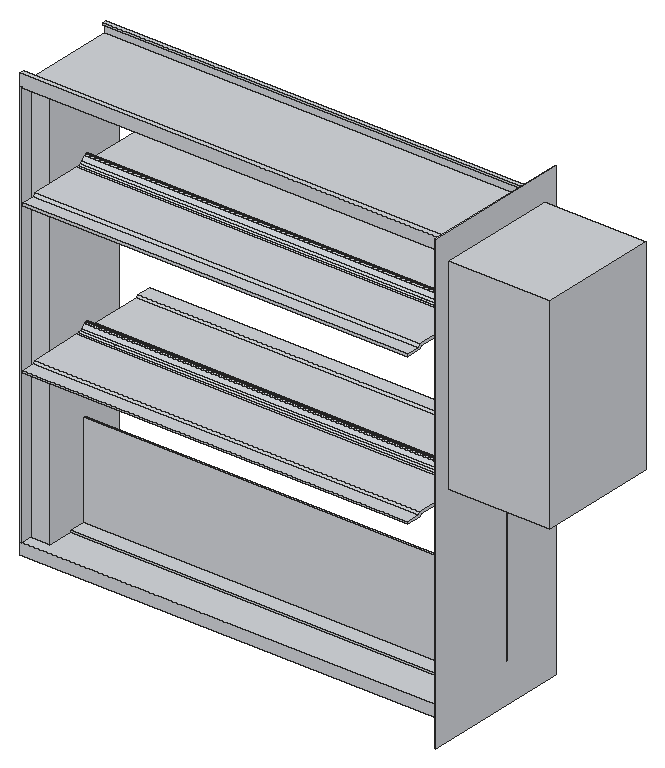
Revit family "MPIB", category Mechanical Equipment, Revit 2015
Parameters
  URL = "https://unitedenertech.com/catalog/pdf/G_7%20MPIB,%20MPIB-R.pdf"
  Type Comments = "Consult Factory For Max. Size."
  Side Plate Height [instance] = Exact Height + 0' 1"  # 1' - 7"
  Model = "MPIB"
  Manufacturer = "United Enertech Corporation"
  Keynote = "This model is only a representation of the product, blade position will vary from built dampers."
  Exact Width = 1' - 6"
  Exact Height = 1' - 6"
  Description = "Mass Bypass System Pressure Independent Rectangular Damper"
  Blade Spacing = 0' - 6 1/4"
  Blade Number [instance] = rounddown((Exact Height - 0' 2 3/4") / Blade Spacing)  # 2
  BW [instance] = Exact Width - 0' 1 15/16"  # 1' - 4 1/16"
Reference planes (in)
  plane 1 "Center (Front/Back)": y = 0
  plane 2: z = 0
  plane 3 "Center (Left/Right)": x = 0
  plane 4: x = -9
  plane 5: x = 9
  plane 6: z = 18
  plane 7: z = 0.5
  plane 8: z = 17.5
  plane 9: x = -8.125
  plane 10: x = 8.125
  plane 11: z = 13.94956
  plane 12: z = 18.5
  plane 13: x = 9.0478
  plane 14: z = 14.22854
  plane 15: x = 10.49393
  plane 16: z = 8.93968
Forms (in)
  Extrusion 1, solid
    sketch origin (-10.94563, 56.53311, 0) x (0, 1, 0) y (-1, 0, 0)
      loop
        line (-56.53311, -2.02563) -> (-56.07011, -2.02563) -> (-56.07011, -2.82063) -> (-52.49611, -2.82063) -> (-52.49611, -2.02563) -> (-52.03311, -2.02563) -> (-52.03311, -1.94563) -> (-52.57611, -1.94563) -> (-52.57611, -2.53484) -> (-52.61757, -2.48351) -> (-52.6794, -2.43952) -> (-52.75426, -2.41946) -> (-52.77072, -2.51067)
        arc (-52.77072, -2.51067) -> (-52.68095, -2.63288) -> (-52.81664, -2.56518) r 0.078
        line (-52.81664, -2.56518) -> (-52.90129, -2.5733) -> (-52.87778, -2.66104) -> (-52.8428, -2.70313) -> (-52.79089, -2.74063) -> (-55.76027, -2.74063) -> (-55.71053, -2.69088) -> (-55.67609, -2.63368) -> (-55.67078, -2.55421) -> (-55.75297, -2.55421)
        arc (-55.75297, -2.55421) -> (-55.87883, -2.63965) -> (-55.80226, -2.5082) r 0.078
        line (-55.80226, -2.5082) -> (-55.81534, -2.4232) -> (-55.90864, -2.4482) -> (-55.94901, -2.48396) -> (-55.99011, -2.54884) -> (-55.99011, -1.94563) -> (-56.53311, -1.94563) -> (-56.53311, -2.02563)
    from 0.5 to 17.5
  Extrusion 2, solid
    sketch origin (10.94563, 56.53311, 0) x (0, 1, 0) y (-1, 0, 0)
      loop
        line (-56.53311, 2.02563) -> (-56.53311, 1.94563) -> (-55.99011, 1.94563) -> (-55.99011, 2.54884) -> (-55.94901, 2.48396) -> (-55.90864, 2.4482) -> (-55.81534, 2.4232) -> (-55.80226, 2.5082)
        arc (-55.80226, 2.5082) -> (-55.87883, 2.63965) -> (-55.75297, 2.55421) r 0.078
        line (-55.75297, 2.55421) -> (-55.67078, 2.55421) -> (-55.67609, 2.63368) -> (-55.71053, 2.69088) -> (-55.76027, 2.74063) -> (-52.79089, 2.74063) -> (-52.8428, 2.70313) -> (-52.87778, 2.66104) -> (-52.90129, 2.5733) -> (-52.81664, 2.56518)
        arc (-52.81664, 2.56518) -> (-52.68095, 2.63288) -> (-52.77072, 2.51067) r 0.078
        line (-52.77072, 2.51067) -> (-52.75426, 2.41946) -> (-52.6794, 2.43952) -> (-52.61757, 2.48351) -> (-52.57611, 2.53484) -> (-52.57611, 1.94563) -> (-52.03311, 1.94563) -> (-52.03311, 2.02563) -> (-52.49611, 2.02563) -> (-52.49611, 2.82063) -> (-56.07011, 2.82063) -> (-56.07011, 2.02563) -> (-56.53311, 2.02563)
    from 0.5 to 17.5
  Extrusion 3, solid
    sketch origin (-23.46325, -52.03311, -12.20737) x (0, -1, 0) y (0, 0, 1)
      loop
        line (-56.34511, 12.28737) -> (-56.45311, 12.28737) -> (-56.45311, 12.62737) -> (-52.11311, 12.62737) -> (-52.11311, 12.28737) -> (-52.22111, 12.28737) -> (-52.22111, 12.20737) -> (-52.03311, 12.20737) -> (-52.03311, 12.70737) -> (-56.53311, 12.70737) -> (-56.53311, 12.20737) -> (-56.34511, 12.20737) -> (-56.34511, 12.28737)
    from -32.46325 to -14.46325
  Extrusion 4, solid
    sketch origin (-35.31788, -52.03311, 54.20737) x (0, -1, 0) y (0, 0, -1)
      loop
        line (-56.34511, 36.29227) -> (-56.45311, 36.29227) -> (-56.45311, 36.63227) -> (-52.11311, 36.63227) -> (-52.11311, 36.29227) -> (-52.22111, 36.29227) -> (-52.22111, 36.20737) -> (-52.03311, 36.20737) -> (-52.03311, 36.71227) -> (-56.53311, 36.71227) -> (-56.53311, 36.21227) -> (-56.34511, 36.21227) -> (-56.34511, 36.29227)
    from 26.31788 to 44.31788
  Extrusion 5, solid
    sketch origin (-54.80861, -46.85261, 19.59636) x (0, -1, 0) y (0, 0, -1)
      loop
        line (-49.18361, 2.60026) -> (-49.18361, 2.10126) -> (-48.43361, 2.10126) -> (-48.43361, 2.18126) -> (-49.10261, 2.18126) -> (-49.10261, 2.60026) -> (-49.18361, 2.60026)
    from 46.68361 to 62.93361
  Extrusion 6, solid
    sketch origin (0, 7.30319, -4.76393) x (0, 1, 0) y (0, 0, 1)
      loop
        line (-5.05319, 5.26393) -> (-5.05319, 9.26393) -> (-5.13572, 9.26393) -> (-5.13572, 5.34205) -> (-5.80319, 5.34205) -> (-5.80319, 5.26393) -> (-5.05319, 5.26393)
    from -8.125 to 8.125
  Extrusion 7, solid
    sketch origin (0, 15.875, 0) x (0, 1, 0) y (0, 0, 1)
      loop
        line (-10.5, 18.5) -> (-16.75, 18.5) -> (-16.75, -0.5) -> (-10.5, -0.5) -> (-10.5, 18.5)
    from 9 to 9.0478
  Extrusion 8, solid
    sketch origin (0, 15.79116, 2.92061) x (0, 0.87462, 0.48481) y (0, -0.48481, 0.87462)
      loop
        line (-6.47935, 16.0011) -> (-6.21976, 16.2607) -> (-6.42721, 16.46814) -> (-6.49313, 16.50468) -> (-6.73803, 16.25978) -> (-6.47935, 16.0011)
    from 9 to 10.49393
Dimensions and locks (in)
  equal spacing: plane 4, plane 3 "Center (Left/Right)", plane 5
  "Exact Width": plane 4 to plane 5
  "Exact Height": plane 6 to level
  locked: plane 7 to level at 0.5
  locked: plane 6 to plane 8 at 0.5
  locked: plane 4 to plane 9 at 0.875
  locked: plane 10 to plane 5 at 0.875
  plane 8 to plane 11 = 0' - 3.55044"
  group 1 to group 2 = 0' - 0"  (x2)
  group 2 to group 1 = 0' - 6 1/4"
  "Blade Spacing": nested 1 to nested 2
  locked: plane 12 to plane 6 at 0.5
  locked: plane 5 to plane 13 at 0.0478
  "Side Plate Height": Extrusion 7 to Extrusion 7
  locked: plane 15 to plane 13 at 1.44613
  locked: plane 6 to plane 14 at 3.77146
  locked: plane 6 to plane 16 at 9.06032
  aligned and locked: level to plane 2
  aligned and locked: Extrusion 1 to plane 7
  aligned and locked: Extrusion 2 to plane 7
  aligned and locked: plane 5 to Extrusion 3
  aligned and locked: plane 4 to Extrusion 3
  aligned and locked: plane 6 to Extrusion 4
  aligned and locked: plane 5 to Extrusion 4
  aligned and locked: plane 4 to Extrusion 4
  aligned and locked: plane 8 to Extrusion 1
  aligned and locked: plane 8 to Extrusion 2
  aligned and locked: Extrusion 5 to Extrusion 4
  aligned and locked: plane 10 to Extrusion 5
  aligned and locked: Extrusion 5 to plane 9
  aligned and locked: plane 3 "Center (Left/Right)" to nested 1
  aligned and locked: plane 11 to nested 1
  aligned and locked: plane 10 to Extrusion 6
  aligned and locked: Extrusion 6 to plane 9
  aligned and locked: plane 13 to Extrusion 7
  aligned and locked: Extrusion 7 to plane 5
  aligned and locked: Extrusion 8 to plane 5
  aligned and locked: Extrusion 8 to plane 15
  aligned and locked: plane 13 to nested 3
  aligned and locked: nested 3 to plane 16
Automatic sketch dimensions
  Extrusion 3 sketch curve to level = 0' - 0"  (x2)
  Extrusion 3 sketch curve to plane 7 = 0' - 0"
  Extrusion 3 sketch curve to plane 1 "Center (Front/Back)" = 0' - 0"
  Extrusion 3 sketch curve to plane 1 "Center (Front/Back)" = 0' - 0.08"
  Extrusion 3 sketch curve to Extrusion 3 sketch curve = 0' - 0.108"  (x2)
  Extrusion 3 sketch curve to Extrusion 3 sketch curve = 0' - 4.124"
  Extrusion 3 sketch curve to plane 7 = 0' - 0.08"
  Extrusion 3 sketch curve to Extrusion 3 sketch curve = 0' - 0.08"
  level to Extrusion 3 sketch curve = 0' - 0.08"  (x2)
  Extrusion 6 sketch curve to plane 1 "Center (Front/Back)" = 0' - 2.16746"
  Extrusion 6 sketch curve to Extrusion 6 sketch curve = 0' - 0.08254"
  Extrusion 6 sketch curve to Extrusion 6 sketch curve = 0' - 0 5/64"
  Extrusion 6 sketch curve to Extrusion 6 sketch curve = 0' - 3 59/64"
  Extrusion 6 sketch curve to Extrusion 6 sketch curve = 0' - 0.66746"
  Extrusion 6 sketch curve to plane 7 = 0' - 0"
  Extrusion 4 sketch curve to plane 6 = 0' - 0"
  Extrusion 4 sketch curve to plane 1 "Center (Front/Back)" = 0' - 0"
  Extrusion 4 sketch curve to plane 1 "Center (Front/Back)" = 0' - 0.08"
  Extrusion 4 sketch curve to Extrusion 4 sketch curve = 0' - 0.108"  (x2)
  Extrusion 4 sketch curve to plane 6 = 0' - 0.0849"  (x2)
  Extrusion 4 sketch curve to Extrusion 4 sketch curve = 0' - 4.124"
  Extrusion 4 sketch curve to plane 8 = 0' - 0.0049"
  Extrusion 4 sketch curve to Extrusion 4 sketch curve = 0' - 0.08"
  Extrusion 4 sketch curve to plane 6 = 0' - 0.0049"
  plane 8 to Extrusion 4 sketch curve = 0' - 0.0751"
  Extrusion 5 sketch curve to plane 8 = 0' - 0.0049"
  Extrusion 5 sketch curve to plane 1 "Center (Front/Back)" = 0' - 2.331"
  Extrusion 5 sketch curve to Extrusion 5 sketch curve = 0' - 0.081"
  Extrusion 5 sketch curve to Extrusion 5 sketch curve = 0' - 0.669"
  Extrusion 5 sketch curve to Extrusion 5 sketch curve = 0' - 0.08"
  Extrusion 5 sketch curve to Extrusion 5 sketch curve = 0' - 0.419"
  plane 12 to Extrusion 7 sketch curve = 0' - 0"
  plane 1 "Center (Front/Back)" to Extrusion 7 sketch curve = 0' - 0 7/8"
  Extrusion 7 sketch curve to level = 0' - 0 1/2"
  Extrusion 7 sketch curve to plane 1 "Center (Front/Back)" = 0' - 5 3/8"
  plane 1 "Center (Front/Back)" to Extrusion 1 sketch curve = 0' - 0"
  Extrusion 1 sketch curve to plane 9 = 0' - 0"
  Extrusion 1 sketch curve to plane 4 = 0' - 0"  (x2)
  Extrusion 1 sketch curve to plane 4 = 0' - 0.08"  (x2)
  Extrusion 1 sketch curve to plane 1 "Center (Front/Back)" = 0' - 0.463"
  Extrusion 1 sketch curve to Extrusion 1 sketch curve = 0' - 0.08"  (x2)
  Extrusion 1 sketch curve to Extrusion 1 sketch curve = 0' - 0.0411"
  Extrusion 1 sketch curve to Extrusion 1 sketch curve = 0' - 0.04037"
  Extrusion 1 sketch curve to Extrusion 1 sketch curve = 0' - 0.08303"
  Extrusion 1 sketch curve to Extrusion 1 sketch curve = 0' - 0.0933"
  Extrusion 1 sketch curve to plane 9 = 0' - 0.31242"
  Extrusion 1 sketch curve to Extrusion 1 sketch curve = 0' - 0.02335"
  Extrusion 1 sketch curve to plane 9 = 0' - 0.08"
  Extrusion 1 sketch curve to Extrusion 1 sketch curve = 0' - 0.06534"
  Extrusion 1 sketch curve to Extrusion 1 sketch curve = 0' - 0.04929"
  Extrusion 1 sketch curve to plane 9 = 0' - 0.12974"
  Extrusion 1 sketch curve to Extrusion 1 sketch curve = 0' - 0.04974"
  Extrusion 1 sketch curve to plane 9 = 0' - 0.18694"
  Extrusion 1 sketch curve to Extrusion 1 sketch curve = 0' - 0.03444"
  Extrusion 1 sketch curve to Extrusion 1 sketch curve = 0' - 0.00531"
  Extrusion 1 sketch curve to plane 9 = 0' - 0.24733"
  Extrusion 1 sketch curve to Extrusion 1 sketch curve = 0' - 2.76949"
  Extrusion 1 sketch curve to plane 9 = 0' - 0.15959"
  Extrusion 1 sketch curve to Extrusion 1 sketch curve = 0' - 0.02351"
  Extrusion 1 sketch curve to plane 9 = 0' - 0.11749"
  Extrusion 1 sketch curve to Extrusion 1 sketch curve = 0' - 0.03498"
  Extrusion 1 sketch curve to plane 9 = 0' - 0.25544"
  Extrusion 1 sketch curve to Extrusion 1 sketch curve = 0' - 0.08465"
  Extrusion 1 sketch curve to Extrusion 1 sketch curve = 0' - 0.05191"
  Extrusion 1 sketch curve to plane 9 = 0' - 0.30996"
  Extrusion 1 sketch curve to Extrusion 1 sketch curve = 0' - 0.04592"
  Extrusion 1 sketch curve to plane 9 = 0' - 0.40116"
  Extrusion 1 sketch curve to Extrusion 1 sketch curve = 0' - 0.01646"
  Extrusion 1 sketch curve to Extrusion 1 sketch curve = 0' - 0.07602"
  Extrusion 1 sketch curve to plane 9 = 0' - 0.3811"
  Extrusion 1 sketch curve to Extrusion 1 sketch curve = 0' - 0.07486"
  Extrusion 1 sketch curve to plane 9 = 0' - 0.33712"
  Extrusion 1 sketch curve to Extrusion 1 sketch curve = 0' - 0.06183"
  Extrusion 1 sketch curve to Extrusion 1 sketch curve = 0' - 0.04146"
  Extrusion 1 sketch curve to Extrusion 1 sketch curve = 0' - 0.463"
  Extrusion 1 sketch curve to Extrusion 1 sketch curve = 0' - 0.07442"
  Extrusion 1 sketch curve to Extrusion 1 sketch curve = 0' - 0.03378"
  Extrusion 1 sketch curve to Extrusion 1 sketch curve = 0' - 0.05133"
  Extrusion 1 sketch curve to Extrusion 1 sketch curve = 0' - 0.06488"
  Extrusion 1 sketch curve to Extrusion 1 sketch curve = 0' - 0.03576"
  Extrusion 1 sketch curve to Extrusion 1 sketch curve = 0' - 0.085"
  plane 1 "Center (Front/Back)" to Extrusion 2 sketch curve = 0' - 0"
  Extrusion 2 sketch curve to plane 10 = 0' - 0"
  Extrusion 2 sketch curve to plane 5 = 0' - 0"  (x2)
  plane 5 to Extrusion 2 sketch curve = 0' - 0.08"  (x2)
  Extrusion 2 sketch curve to Extrusion 2 sketch curve = 0' - 0.463"  (x2)
  Extrusion 2 sketch curve to Extrusion 2 sketch curve = 0' - 0.08"  (x2)
  Extrusion 2 sketch curve to Extrusion 2 sketch curve = 0' - 0.0411"
  Extrusion 2 sketch curve to Extrusion 2 sketch curve = 0' - 0.04037"
  Extrusion 2 sketch curve to Extrusion 2 sketch curve = 0' - 0.08303"
  Extrusion 2 sketch curve to Extrusion 2 sketch curve = 0' - 0.0933"
  Extrusion 2 sketch curve to plane 10 = 0' - 0.31242"
  Extrusion 2 sketch curve to Extrusion 2 sketch curve = 0' - 0.02335"
  Extrusion 2 sketch curve to plane 10 = 0' - 0.08"
  Extrusion 2 sketch curve to Extrusion 2 sketch curve = 0' - 0.06534"
  Extrusion 2 sketch curve to Extrusion 2 sketch curve = 0' - 0.04929"
  Extrusion 2 sketch curve to plane 10 = 0' - 0.12974"
  Extrusion 2 sketch curve to Extrusion 2 sketch curve = 0' - 0.04974"
  Extrusion 2 sketch curve to plane 10 = 0' - 0.18694"
  Extrusion 2 sketch curve to Extrusion 2 sketch curve = 0' - 0.03444"
  Extrusion 2 sketch curve to Extrusion 2 sketch curve = 0' - 0.00531"
  Extrusion 2 sketch curve to plane 10 = 0' - 0.24733"
  Extrusion 2 sketch curve to Extrusion 2 sketch curve = 0' - 2.76949"
  Extrusion 2 sketch curve to plane 10 = 0' - 0.15959"
  Extrusion 2 sketch curve to Extrusion 2 sketch curve = 0' - 0.02351"
  Extrusion 2 sketch curve to plane 10 = 0' - 0.11749"
  Extrusion 2 sketch curve to Extrusion 2 sketch curve = 0' - 0.03498"
  Extrusion 2 sketch curve to plane 10 = 0' - 0.25544"
  Extrusion 2 sketch curve to Extrusion 2 sketch curve = 0' - 0.08465"
  Extrusion 2 sketch curve to Extrusion 2 sketch curve = 0' - 0.05191"
  Extrusion 2 sketch curve to plane 10 = 0' - 0.30996"
  Extrusion 2 sketch curve to Extrusion 2 sketch curve = 0' - 0.04592"
  Extrusion 2 sketch curve to plane 10 = 0' - 0.40116"
  Extrusion 2 sketch curve to Extrusion 2 sketch curve = 0' - 0.01646"
  Extrusion 2 sketch curve to Extrusion 2 sketch curve = 0' - 0.07602"
  Extrusion 2 sketch curve to plane 10 = 0' - 0.3811"
  Extrusion 2 sketch curve to Extrusion 2 sketch curve = 0' - 0.07486"
  Extrusion 2 sketch curve to plane 10 = 0' - 0.33712"
  Extrusion 2 sketch curve to Extrusion 2 sketch curve = 0' - 0.06183"
  Extrusion 2 sketch curve to Extrusion 2 sketch curve = 0' - 0.04146"
  Extrusion 2 sketch curve to Extrusion 2 sketch curve = 0' - 0.07442"
  Extrusion 2 sketch curve to Extrusion 2 sketch curve = 0' - 0.03378"
  Extrusion 2 sketch curve to Extrusion 2 sketch curve = 0' - 0.05133"
  Extrusion 2 sketch curve to Extrusion 2 sketch curve = 0' - 0.06488"
  Extrusion 2 sketch curve to Extrusion 2 sketch curve = 0' - 0.03576"
  Extrusion 2 sketch curve to Extrusion 2 sketch curve = 0' - 0.085"
  Extrusion 8 sketch curve to plane 11 = 0' - 0.07448"
  Extrusion 8 sketch curve to plane 1 "Center (Front/Back)" = 0' - 2.01505"
  Extrusion 8 sketch curve to Extrusion 8 sketch curve = 0' - 0.25868"
  Extrusion 8 sketch curve to Extrusion 8 sketch curve = 0' - 0.31082"
  Extrusion 8 sketch curve to Extrusion 8 sketch curve = 0' - 0.06592"
  Extrusion 8 sketch curve to Extrusion 8 sketch curve = 0' - 0.03654"
  Extrusion 8 sketch curve to Extrusion 8 sketch curve = 0' - 0.20744"
Nested families (in)
  nested 1: "CDBLADE" at (0, -2.64852, 8.0043), type "CDBLADE"
    with Blade Width 1' - 4 1/16"
  nested 2: "CDBLADE" at (0, -2.64852, 1.7543), type "CDBLADE"
    with Blade Width 1' - 4 1/16"
  nested 3: "MPIB motor" at (9.0478, -4.04258, 5.44167) x (0, 1, 0) z (0, 0, 1), type "MPIB motor"
Definition of nested family "CDBLADE"
  Parameters (values of type "CDBLADE")
    Blade Width = 2' - 0"
  Reference planes (in)
    plane 1 "Center (Front/Back)": y = 0
    plane 2: z = 0
    plane 3 "Center (Left/Right)": x = 0
    plane 4: x = -12
    plane 5: x = 12
    plane 6: x = 13
    plane 7: x = 10
    plane 8: x = -10
    plane 9: x = -13
  Forms (in)
    Extrusion 1, solid
      sketch origin (-4.01787, 39.3726, 0.84574) x (0, 1, 0) y (0, 0, 1)
        loop
          line (-34.73332, 5.15315) -> (-34.47458, 4.89351) -> (-34.21494, 5.15234) -> (-34.47408, 5.41148) -> (-34.73332, 5.15315)
      from 14.01787 to 17.01787
    Extrusion 2, solid
      sketch origin (-4.01787, -27.59093, -0.63909) x (0, -1, 0) y (0, 0, -1)
        loop
          line (-35.80383, -6.69185) -> (-35.80383, -6.77356) -> (-35.19434, -6.77356) -> (-35.13423, -6.68767) -> (-32.97747, -6.69982) -> (-32.83541, -6.72864) -> (-32.73109, -6.79397) -> (-32.56192, -6.96162) -> (-32.49539, -6.99587) -> (-32.43982, -6.98181) -> (-32.38723, -6.93174) -> (-32.25542, -6.79981) -> (-32.17789, -6.744) -> (-32.09104, -6.71015) -> (-31.98943, -6.69867) -> (-29.80199, -6.67883) -> (-29.73737, -6.58434) -> (-29.17594, -6.58434) -> (-29.17594, -6.49977) -> (-29.78569, -6.49977) -> (-29.84356, -6.5857) -> (-32.02043, -6.57341) -> (-32.24214, -6.52605) -> (-32.26394, -6.60365) -> (-32.23071, -6.63677) -> (-32.48945, -6.89631) -> (-32.74909, -6.63757) -> (-32.49035, -6.37794) -> (-32.41459, -6.45346) -> (-32.34512, -6.38399) -> (-32.42473, -6.30635) -> (-32.5126, -6.28231) -> (-32.57292, -6.32333) -> (-32.71384, -6.46424) -> (-32.7897, -6.52327) -> (-32.8836, -6.56221) -> (-32.98369, -6.5746) -> (-35.17817, -6.59456) -> (-35.24451, -6.69185) -> (-35.80383, -6.69185)
      from -7.98213 to 16.01787
    Extrusion 3, solid
      sketch origin (-13.76787, -29.57556, 0.84574) x (0, -1, 0) y (0, 0, -1)
        loop
          line (-34.73332, -5.15315) -> (-34.47408, -5.41148) -> (-34.21494, -5.15234) -> (-34.47458, -4.89351) -> (-34.73332, -5.15315)
      from 0.76787 to 3.76787
  Dimensions and locks (in)
    equal spacing: plane 4, plane 3 "Center (Left/Right)", plane 5
    "Blade Width": plane 4 to plane 5
    locked: plane 9 to plane 4 at 1
    locked: plane 4 to plane 8 at 2
    locked: plane 7 to plane 5 at 2
    locked: plane 5 to plane 6 at 1
    aligned and locked: level to plane 2
    aligned and locked: Extrusion 1 to plane 6
    aligned and locked: plane 7 to Extrusion 1
    aligned and locked: plane 9 to Extrusion 3
    aligned and locked: Extrusion 3 to plane 8
    aligned and locked: plane 5 to Extrusion 2
    aligned and locked: plane 4 to Extrusion 2
  Automatic sketch dimensions
    Extrusion 1 sketch curve to plane 1 "Center (Front/Back)" = 0' - 4.63929"
    Extrusion 1 sketch curve to Extrusion 1 sketch curve = 0' - 0.25873"
    Extrusion 1 sketch curve to Extrusion 1 sketch curve = 0' - 0.25923"
    Extrusion 1 sketch curve to Extrusion 1 sketch curve = 0' - 0.25914"
    level to Extrusion 1 sketch curve = 0' - 5.73925"
    Extrusion 1 sketch curve to Extrusion 1 sketch curve = 0' - 0.25883"
    Extrusion 1 sketch curve to Extrusion 1 sketch curve = 0' - 0.25964"
    Extrusion 2 sketch curve to plane 1 "Center (Front/Back)" = 0' - 8.2129"
    Extrusion 2 sketch curve to Extrusion 2 sketch curve = 0' - 0.55932"
    Extrusion 2 sketch curve to Extrusion 2 sketch curve = 0' - 0.05017"
    Extrusion 2 sketch curve to Extrusion 2 sketch curve = 0' - 0.06634"
    Extrusion 2 sketch curve to Extrusion 2 sketch curve = 0' - 0.04394"
    Extrusion 2 sketch curve to Extrusion 2 sketch curve = 0' - 2.15054"
    Extrusion 2 sketch curve to Extrusion 2 sketch curve = 0' - 0.00621"
    Extrusion 2 sketch curve to Extrusion 2 sketch curve = 0' - 0.10009"
    Extrusion 2 sketch curve to Extrusion 2 sketch curve = 0' - 0.14206"
    Extrusion 2 sketch curve to Extrusion 2 sketch curve = 0' - 0.0939"
    Extrusion 2 sketch curve to Extrusion 2 sketch curve = 0' - 0.04061"
    Extrusion 2 sketch curve to Extrusion 2 sketch curve = 0' - 0.10431"
    Extrusion 2 sketch curve to Extrusion 2 sketch curve = 0' - 0.07586"
    Extrusion 2 sketch curve to Extrusion 2 sketch curve = 0' - 0.14092"
    Extrusion 2 sketch curve to Extrusion 2 sketch curve = 0' - 0.16917"
    Extrusion 2 sketch curve to Extrusion 2 sketch curve = 0' - 0.06032"
    Extrusion 2 sketch curve to Extrusion 2 sketch curve = 0' - 0.06653"
    Extrusion 2 sketch curve to Extrusion 2 sketch curve = 0' - 0.02225"
    Extrusion 2 sketch curve to Extrusion 2 sketch curve = 0' - 0.07248"
    Extrusion 2 sketch curve to Extrusion 2 sketch curve = 0' - 0.05557"
    Extrusion 2 sketch curve to Extrusion 2 sketch curve = 0' - 0.08788"
    Extrusion 2 sketch curve to Extrusion 2 sketch curve = 0' - 0.07576"
    Extrusion 2 sketch curve to Extrusion 2 sketch curve = 0' - 0.0526"
    Extrusion 2 sketch curve to Extrusion 2 sketch curve = 0' - 0.06947"  (x2)
    Extrusion 2 sketch curve to Extrusion 2 sketch curve = 0' - 0.15066"
    Extrusion 2 sketch curve to Extrusion 2 sketch curve = 0' - 0.1318"
    Extrusion 2 sketch curve to Extrusion 2 sketch curve = 0' - 0.0218"
    Extrusion 2 sketch curve to Extrusion 2 sketch curve = 0' - 0.03322"
    Extrusion 2 sketch curve to Extrusion 2 sketch curve = 0' - 0.07753"
    Extrusion 2 sketch curve to Extrusion 2 sketch curve = 0' - 0.08685"
    Extrusion 2 sketch curve to Extrusion 2 sketch curve = 0' - 0.0706"
    Extrusion 2 sketch curve to Extrusion 2 sketch curve = 0' - 0.1016"
    Extrusion 2 sketch curve to Extrusion 2 sketch curve = 0' - 2.14587"
    Extrusion 2 sketch curve to Extrusion 2 sketch curve = 0' - 0.04157"
    Extrusion 2 sketch curve to Extrusion 2 sketch curve = 0' - 0.05787"
    Extrusion 2 sketch curve to Extrusion 2 sketch curve = 0' - 0.04833"
    Extrusion 2 sketch curve to Extrusion 2 sketch curve = 0' - 0.56142"
    level to Extrusion 2 sketch curve = 0' - 6.35678"
    Extrusion 2 sketch curve to Extrusion 2 sketch curve = 0' - 0.01406"
    Extrusion 2 sketch curve to Extrusion 2 sketch curve = 0' - 0.03425"
    Extrusion 2 sketch curve to Extrusion 2 sketch curve = 0' - 0.05007"
    Extrusion 2 sketch curve to Extrusion 2 sketch curve = 0' - 0.06531"
    Extrusion 2 sketch curve to Extrusion 2 sketch curve = 0' - 0.13193"
    Extrusion 2 sketch curve to Extrusion 2 sketch curve = 0' - 0.16765"
    Extrusion 2 sketch curve to Extrusion 2 sketch curve = 0' - 0.02041"
    Extrusion 2 sketch curve to Extrusion 2 sketch curve = 0' - 0.05581"
    Extrusion 2 sketch curve to Extrusion 2 sketch curve = 0' - 0.06533"
    Extrusion 2 sketch curve to Extrusion 2 sketch curve = 0' - 0.03385"
    Extrusion 2 sketch curve to Extrusion 2 sketch curve = 0' - 0.02882"
    Extrusion 2 sketch curve to Extrusion 2 sketch curve = 0' - 0.01149"
    Extrusion 2 sketch curve to Extrusion 2 sketch curve = 0' - 0.08171"
    Extrusion 2 sketch curve to Extrusion 2 sketch curve = 0' - 0.08589"
    Extrusion 2 sketch curve to Extrusion 2 sketch curve = 0' - 0.01983"
    Extrusion 2 sketch curve to Extrusion 2 sketch curve = 0' - 0.09106"
    Extrusion 2 sketch curve to Extrusion 2 sketch curve = 0' - 0.10723"
    Extrusion 2 sketch curve to Extrusion 2 sketch curve = 0' - 0.03312"
    Extrusion 2 sketch curve to Extrusion 2 sketch curve = 0' - 0.09311"
    Extrusion 2 sketch curve to Extrusion 2 sketch curve = 0' - 0.09314"
    Extrusion 2 sketch curve to Extrusion 2 sketch curve = 0' - 0.09449"
    Extrusion 2 sketch curve to Extrusion 2 sketch curve = 0' - 0.12522"
    Extrusion 2 sketch curve to Extrusion 2 sketch curve = 0' - 0.12526"
    Extrusion 2 sketch curve to Extrusion 2 sketch curve = 0' - 0.01239"
    Extrusion 2 sketch curve to Extrusion 2 sketch curve = 0' - 0.0776"
    Extrusion 2 sketch curve to Extrusion 2 sketch curve = 0' - 0.03894"
    Extrusion 2 sketch curve to Extrusion 2 sketch curve = 0' - 0.08457"
    Extrusion 2 sketch curve to Extrusion 2 sketch curve = 0' - 0.05902"
    Extrusion 2 sketch curve to Extrusion 2 sketch curve = 0' - 0.07552"
    Extrusion 2 sketch curve to Extrusion 2 sketch curve = 0' - 0.05461"
    Extrusion 2 sketch curve to Extrusion 2 sketch curve = 0' - 0.07159"
    Extrusion 2 sketch curve to Extrusion 2 sketch curve = 0' - 0.04101"
    Extrusion 3 sketch curve to plane 1 "Center (Front/Back)" = 0' - 5.15775"
    Extrusion 3 sketch curve to Extrusion 3 sketch curve = 0' - 0.25873"
    Extrusion 3 sketch curve to Extrusion 3 sketch curve = 0' - 0.25923"
    Extrusion 3 sketch curve to Extrusion 3 sketch curve = 0' - 0.25914"  (x2)
    level to Extrusion 3 sketch curve = 0' - 6.25722"
    Extrusion 3 sketch curve to Extrusion 3 sketch curve = 0' - 0.25833"
Definition of nested family "MPIB motor"
  Reference planes (in)
    plane 1 "Center (Front/Back)": y = 0
    plane 2: z = 0
    plane 3 "Center (Left/Right)": x = 0
  Forms (in)
    Extrusion 1, solid
      sketch origin (0, 0, 0) x (1, 0, 0) y (0, 0, 1)
        loop
          line (3.78405, 3.49801) -> (8.78405, 3.49801) -> (8.78405, 11.99801) -> (3.78405, 11.99801) -> (3.78405, 3.49801)
      from 0 to 4.25
    Extrusion 2, void
      sketch origin (0, 0, 0) x (1, 0, 0) y (0, 0, 1)
        loop
          circle (6.28405, 8.56051) r 0.25
      from 0 to 0.75
  Cuts and joins
    Extrusion 2 cuts Extrusion 1
  Dimensions and locks (in)
    aligned and locked: level to plane 2
